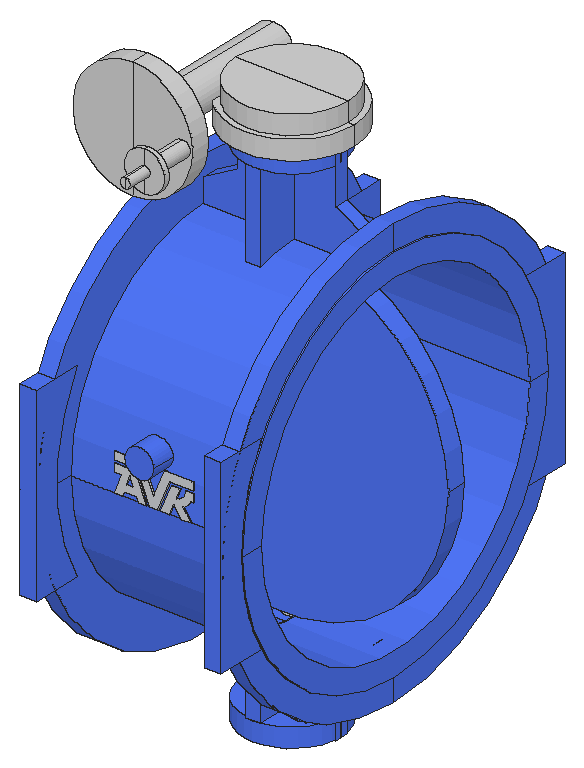
Revit family "756-102-ISI-DN700-2800", category Pipe Accessories, Revit 2019
Family settings
  Round Connector Dimension = Use Diameter
  Part Type = Valve - Breaks Into
  Work Plane-Based = No
  Always vertical = Yes
  Cut with Voids When Loaded = No
  Shared = No
Parameters (values of type "DN0700_PN10")
  W2_Ref = size_lookup(Search_table, "W2_Ref", 0 mm, DN) / 2  # 125 mm
  T(Addon) = size_lookup(Search_table, "T(Addon)", 0 mm, DN)  # 605 mm
  Offset = size_lookup(Search_table, "Offset", 0 mm, DN)  # 3 mm
  GB_Width_Ref = if(DN > 2599 mm, 230 mm, if(DN > 599 mm, L / 3, if(DN > 149 mm, GB_Width, GB_Width)))  # 143.333 mm
  GB_Width_3 = size_lookup(Search_table, "GB_Width", 0 mm, DN) / 2  # 130 mm
  GB_Ref = GB_HW_2 / 2.5  # 16.667 mm
  GB_HW_2 = GB_HW / 3  # 41.667 mm
  GB_HW = size_lookup(Search_table, "GB_HW", 0 mm, DN) / 2  # 125 mm
  Disc_width = if(DN > 999 mm, 50 mm, if(DN > 699 mm, 40 mm, if(DN > 499 mm, 35 mm, if(DN > 399 mm, 25 mm, if(DN > 349 mm, 20 mm, if(DN > 249 mm, 15 mm, if(DN > 149 mm, 10 mm, 10 mm)))))))  # 40 mm
  Disc_Dia = size_lookup(Search_table, "Disc_Dia", 0 mm, DN)  # 690 mm
  DN2600_PN16 = "756-2600-1-14002"
  DN2400_ PN16 DIN = "756-2400-1-14002"
  DN2200_ PN16 DIN = "756-2200-1-14002"
  DN2000_PN16 = "756-2000-1-14002"
  DN1800_PN16 = "756-1800-1-14002"
  DN1600_PN16 = "756-1600-1-14002"
  DN1500_PN16 = "756-1500-1-14002"
  DN1400_PN16 = "756-1400-1-14002"
  DN1200_PN16 = "756-1200-1-14002"
  DN1000_PN16 = "756-1000-1-14002"
  DN0900_PN16 = "756-0900-1-14002"
  DN0900_PN10 = "756-0900-1-04002"
  DN0800_PN16 = "756-0800-1-14002"
  DN0800_PN10 = "756-0800-1-04002"
  DN0700_PN16 = "756-0700-1-14002"
  DN0700_PN10 = "756-0700-1-04002"
  DN1200_PN10 = "756-1200-1-04002"
  DN1000_PN10 = "756-1000-1-04002"
  C_Rod = if(DN > 999 mm, 48 mm, if(DN > 699 mm, 38 mm, if(DN > 499 mm, 33 mm, if(DN > 399 mm, 23 mm, if(DN > 349 mm, 18 mm, if(DN > 249 mm, 13 mm, if(DN > 149 mm, 9 mm, 9 mm)))))))  # 38 mm
  C = size_lookup(Search_table, "C", 0 mm, DN)  # 255 mm
  W4 = size_lookup(Search_table, "W4", 0 mm, DN)  # 543 mm
  W3 = size_lookup(Search_table, "W3", 0 mm, DN)  # 533 mm
  W2 = size_lookup(Search_table, "W2", 0 mm, DN)  # 730 mm
  W1 = size_lookup(Search_table, "W1", 0 mm, DN)  # 448 mm
  URL_product_pages = "https://www.avkvalves.com/P.aspx?no=7560700104002"
  Rib_width_2 = Gear_box_Mount_Flange_width * 2  # 204 mm
  Rib_width = L - (Flange_Thickness * 2)  # 350 mm
  Rib_height_2 = H1 - Flange_OD  # 117.5 mm
  Rib_depth = if(DN > 999 mm, 40 mm, if(DN > 699 mm, 30 mm, if(DN > 399 mm, 20 mm, 20 mm)))  # 30 mm
  Rib_height = Flange_OD / 1.1  # 406.818 mm
  Rf_Dia = size_lookup(Search_table, "RF_Dia", 0 mm, DN) / 2  # 397 mm
  RF_Cut_Thickness = 5 mm  # constant formula
  Pin_width = L / 2  # 215 mm
  Pin_dia = 60 mm
  Pin_Depth = (DN + size_lookup(Search_table, "Flange_OD", 0 mm, DN)) / 2  # 797.5 mm
  L2 = size_lookup(Search_table, "L2", 0 mm, DN)  # 133 mm
  L1 = size_lookup(Search_table, "L1", 0 mm, DN)  # 127 mm
  L = size_lookup(Search_table, "L", 0 mm, DN)  # 430 mm
  ID (Radius) = DN / 2  # 350 mm
  H2 = size_lookup(Search_table, "H2", 0 mm, DN)  # 550 mm
  H1 = B - GB_Dia  # 565 mm
  Gear_box_depth = A - Body_wallthickness - 25 mm  # 300 mm
  GB_Width_2 = GB_Width_3 * 0.9  # 117 mm
  GB_Width = C - L / 2  # 40 mm
  GB_Flange = 5 mm  # constant formula
  GB_Dia = size_lookup(Search_table, "GB_Dia", 0 mm, DN) / 2  # 40 mm
  Flange_Thickness = size_lookup(Search_table, "Flange_Thickness", 0 mm, DN)  # 40 mm
  Flange_OD = size_lookup(Search_table, "Flange_OD", 0 mm, DN) / 2  # 447.5 mm
  Description_ = "AVK DOUBLE ECC. BUTTERFLY VALVE, LONG"
  DN = 700 mm
  Search_table = "756-102-ISI-DN700-2800"
  DN2800_PN10 = "756-2800-1-04002"
  DN2600_PN10 = "756-2600-1-04002"
  DN2400_ PN10 DIN = "756-2400-1-04002"
  DN2200_PN10 DIN = "756-2200-1-04002"
  DN2000_PN10 = "756-2000-1-04002"
  DN1800_PN10 = "756-1800-1-04002"
  DN1600_PN10 = "756-1600-1-04002"
  DN1500_PN10 = "756-1500-1-04002"
  DN1400_PN10 = "756-1400-1-04002"
  D1 = size_lookup(Search_table, "D1", 0 mm, DN) / 2  # 10 mm
  Bottom_width = size_lookup(Search_table, "Bottom_width", 0 mm, DN)  # 395 mm
  Bottom_Depth = DN * 1.5  # 1050 mm
  Gear_box_Mount_width = size_lookup(Search_table, "Gear_box_Mount_width", 0 mm, DN) / 2  # 15.5 mm
  Gear_box_Mount_Flange_width = size_lookup(Search_table, "Gear_box_Mount_Flange_width", 0 mm, DN) / 2  # 102 mm
  Body_wallthickness = 10 mm  # constant formula
  B = size_lookup(Search_table, "B", 0 mm, DN)  # 605 mm
  A2 = A / 1.7  # 197.059 mm
  A = size_lookup(Search_table, "A", 0 mm, DN)  # 335 mm
Types (28, lengths in mm): name | W2_Ref | T(Addon) | GB_Width_Ref | GB_Width_3 | GB_Ref | GB_HW_2 | GB_HW | Disc_width | Disc_Dia | C_Rod | C | W4 | W3 | W2 | W1 | Rib_width_2 | Rib_width | Rib_height_2 | Rib_depth | Rib_height | Rf_Dia | Pin_width | Pin_Depth | L2 | L1 | L | ID (Radius) | H2 | H1 | Gear_box_depth | GB_Width_2 | GB_Width | GB_Dia | Flange_Thickness | Flange_OD | DN | D1 | Bottom_width | Bottom_Depth | Gear_box_Mount_width | Gear_box_Mount_Flange_width | B | A2 | A
  (no name) | 125 | 605 | 143.333 | 130 | 16.667 | 41.667 | 125 | 40 | 690 | 38 | 255 | 543 | 533 | 730 | 448 | 204 | 350 | 117.5 | 30 | 406.818 | 397 | 215 | 797.5 | 133 | 127 | 430 | 350 | 550 | 565 | 300 | 117 | 40 | 40 | 40 | 447.5 | 700 | 10 | 395 | 1050 | 15.5 | 102 | 605 | 197.059 | 335
  DN0700_PN10 | 125 | 605 | 143.333 | 130 | 16.667 | 41.667 | 125 | 40 | 690 | 38 | 255 | 543 | 533 | 730 | 448 | 204 | 350 | 117.5 | 30 | 406.818 | 397 | 215 | 797.5 | 133 | 127 | 430 | 350 | 550 | 565 | 300 | 117 | 40 | 40 | 40 | 447.5 | 700 | 10 | 395 | 1050 | 15.5 | 102 | 605 | 197.059 | 335
  DN0700_PN16 | 110 | 600 | 143.333 | 130 | 16.667 | 41.667 | 125 | 40 | 690 | 38 | 297 | 537 | 527 | 725 | 455 | 214 | 350 | 105 | 30 | 413.636 | 397 | 215 | 805.05 | 130 | 124 | 430 | 350.05 | 565 | 560 | 307 | 117 | 82 | 40 | 40 | 455 | 700.1 | 10 | 427 | 1050.15 | 16.5 | 107 | 600 | 201.176 | 342
  DN0800_PN10 | 155 | 670 | 156.667 | 140 | 20.667 | 51.667 | 155 | 40 | 788.5 | 38 | 349 | 636 | 627 | 765 | 508 | 223 | 390 | 122 | 30 | 461.364 | 450 | 235 | 907.5 | 162 | 156 | 470 | 400 | 620 | 629.5 | 278 | 126 | 114 | 40.5 | 40 | 507.5 | 800 | 10 | 460 | 1200 | 17 | 111.5 | 670 | 184.118 | 313
  DN0800_PN16 | 155 | 670 | 156.667 | 140 | 20.667 | 51.667 | 155 | 40 | 788.5 | 38 | 317 | 635 | 626 | 795 | 513 | 232 | 390 | 117 | 30 | 465.909 | 450 | 235 | 912.55 | 161 | 155 | 470 | 400.05 | 635 | 629.5 | 307 | 126 | 82 | 40.5 | 40 | 512.5 | 800.1 | 10 | 492 | 1200.15 | 18 | 116 | 670 | 201.176 | 342
  DN0900_PN10 | 175 | 740 | 170 | 155 | 22 | 55 | 165 | 40 | 888.5 | 38 | 337 | 730 | 722 | 865 | 558 | 241 | 430 | 136.5 | 30 | 506.818 | 500 | 255 | 1007.5 | 192 | 186 | 510 | 450 | 690 | 694 | 307 | 139.5 | 82 | 46 | 40 | 557.5 | 900 | 10 | 524 | 1350 | 18.5 | 120.5 | 740 | 201.176 | 342
  DN0900_PN16 | 175 | 740 | 170 | 155 | 22 | 55 | 165 | 40 | 888.5 | 38 | 369 | 729 | 721 | 835 | 563 | 250 | 430 | 131.5 | 30 | 511.364 | 500 | 255 | 1012.55 | 191 | 185 | 510 | 450.05 | 705 | 694 | 278 | 139.5 | 114 | 46 | 40 | 562.5 | 900.1 | 10 | 556 | 1350.15 | 19 | 125 | 740 | 184.118 | 313
  DN1000_PN10 | 203.5 | 836 | 183.333 | 175 | 28 | 70 | 210 | 50 | 988 | 48 | 306 | 824 | 816 | 1040 | 615 | 259 | 470 | 166 | 40 | 559.091 | 556 | 275 | 1115 | 222 | 216 | 550 | 500 | 770 | 781 | 434 | 157.5 | 31 | 55 | 40 | 615 | 1000 | 10 | 588 | 1500 | 20 | 129.5 | 836 | 275.882 | 469
  DN1000_PN16 | 203.5 | 837 | 183.333 | 175 | 28 | 70 | 210 | 50 | 988 | 48 | 306 | 822 | 814 | 1041 | 628 | 268 | 470 | 154.5 | 40 | 570.455 | 556 | 275 | 1127.55 | 221 | 215 | 550 | 500.05 | 785 | 782 | 434 | 157.5 | 31 | 55 | 40 | 627.5 | 1000.1 | 10 | 620 | 1500.15 | 20.5 | 134 | 837 | 275.882 | 469
  DN1200_PN10 | 225 | 905 | 210 | 195 | 30 | 75 | 225 | 50 | 1174.5 | 48 | 346 | 993 | 986 | 1134 | 728 | 277 | 550 | 122.5 | 40 | 661.364 | 666 | 315 | 1327.5 | 275 | 269 | 630 | 600 | 855 | 850 | 434 | 175.5 | 31 | 80 | 40 | 727.5 | 1200 | 10 | 653 | 1800 | 21 | 138.5 | 930 | 275.882 | 469
  DN1200_PN16 | 215 | 907.5 | 210 | 195 | 28.667 | 71.667 | 215 | 50 | 1174.5 | 48 | 346 | 993 | 985 | 1121 | 743 | 286 | 530 | 99.5 | 40 | 675 | 666 | 315 | 1342.55 | 274 | 268 | 630 | 600.05 | 874 | 842 | 434 | 175.5 | 31 | 75 | 50 | 742.5 | 1200.1 | 10 | 685 | 1800.15 | 22 | 143 | 917 | 275.882 | 469
  DN1400_PN10 | 240 | 1012.5 | 236.667 | 206 | 32 | 80 | 240 | 50 | 1382 | 48 | 386 | 1189 | 1182 | 1241 | 838 | 295 | 610 | 124.5 | 40 | 761.364 | 763 | 355 | 1537.5 | 339 | 333 | 710 | 700 | 970 | 962 | 434 | 185.4 | 31 | 75 | 50 | 837.5 | 1400 | 10 | 717 | 2100 | 22.5 | 147.5 | 1037 | 275.882 | 469
  DN1400_PN16 | 240 | 1017.5 | 236.667 | 214.5 | 32 | 80 | 240 | 50 | 1382 | 48 | 422 | 1189 | 1182 | 1253 | 843 | 304 | 610 | 121.5 | 40 | 765.909 | 763 | 355 | 1542.55 | 339 | 333 | 710 | 700.05 | 970 | 964 | 470 | 193.05 | 67 | 85 | 50 | 842.5 | 1400.1 | 10 | 749 | 2100.15 | 23.5 | 152 | 1049 | 297.059 | 505
  DN1500_PN10 | 275 | 1090 | 250 | 223.5 | 36.667 | 91.667 | 275 | 50 | 1482 | 48 | 406 | 1281 | 1274 | 1341 | 893 | 313 | 650 | 144.5 | 40 | 811.364 | 818 | 375 | 1642.5 | 369 | 363 | 750 | 750 | 1070 | 1037 | 434 | 201.15 | 31 | 100 | 50 | 892.5 | 1500 | 10 | 781 | 2250 | 24 | 156.5 | 1137 | 275.882 | 469
  DN1500_PN16 | 275 | 1105 | 250 | 232.5 | 36.667 | 91.667 | 275 | 50 | 1482 | 48 | 442 | 1281 | 1274 | 1353 | 913 | 323 | 650 | 139 | 40 | 827.273 | 818 | 375 | 1660.05 | 369 | 363 | 750 | 750.05 | 1070 | 1049 | 470 | 209.25 | 67 | 100 | 50 | 910 | 1500.1 | 10 | 813 | 2250.15 | 24.5 | 161.5 | 1149 | 297.059 | 505
  DN1600_PN10 | 300 | 1180 | 263.333 | 241 | 40 | 100 | 300 | 50 | 1576 | 48 | 462 | 1366 | 1359 | 1428 | 958 | 332 | 690 | 156.5 | 40 | 870.455 | 875 | 395 | 1757.5 | 396 | 390 | 790 | 800 | 1145 | 1114 | 470 | 216.9 | 67 | 110 | 50 | 957.5 | 1600 | 10 | 846 | 2400 | 25.5 | 166 | 1224 | 297.059 | 505
  DN1600_PN16 | 300 | 1180 | 263.333 | 250 | 40 | 100 | 300 | 50 | 1576 | 48 | 462 | 1366 | 1359 | 1428 | 965 | 341 | 670 | 149 | 40 | 877.273 | 875 | 395 | 1765.05 | 396 | 390 | 790 | 800.05 | 1145 | 1114 | 470 | 225 | 67 | 110 | 60 | 965 | 1600.1 | 10 | 878 | 2400.15 | 26 | 170.5 | 1224 | 297.059 | 505
  DN1800_PN10 | 285 | 1299 | 290 | 259 | 38 | 95 | 285 | 50 | 1772 | 48 | 714 | 1547 | 1540 | 1490 | 1058 | 350 | 750 | 161.5 | 40 | 961.364 | 973 | 435 | 1957.5 | 454 | 448 | 870 | 900 | 1220 | 1219 | 570 | 233.1 | 279 | 80 | 60 | 1057.5 | 1800 | 10 | 910 | 2700 | 26.5 | 175 | 1299 | 355.882 | 605
  DN1800_PN16 | 280 | 1299 | 290 | 267.5 | 37.333 | 93.333 | 280 | 50 | 1772 | 48 | 714 | 1547 | 1540 | 1490 | 1065 | 359 | 750 | 154 | 40 | 968.182 | 973 | 435 | 1965.05 | 454 | 448 | 870 | 900.05 | 1220 | 1219 | 570 | 240.75 | 279 | 80 | 60 | 1065 | 1800.1 | 10 | 942 | 2700.15 | 27.5 | 179.5 | 1299 | 355.882 | 605
  DN2000_PN10 | 320 | 1462 | 316.667 | 276.5 | 42.667 | 106.667 | 320 | 50 | 1998 | 48 | 753 | 1760 | 1753 | 1653 | 1180 | 368 | 830 | 214.5 | 40 | 1056.818 | 1114 | 475 | 2162.5 | 527 | 521 | 950 | 1000 | 1382 | 1377 | 570 | 248.85 | 278 | 85 | 60 | 1162.5 | 2000 | 10 | 974 | 3000 | 28 | 184 | 1462 | 355.882 | 605
  DN2000_PN16 | 320 | 1461 | 316.667 | 285 | 42.667 | 106.667 | 320 | 50 | 1998 | 48 | 754 | 1760 | 1753 | 1652 | 1180 | 377 | 830 | 203.5 | 40 | 1065.909 | 1114 | 475 | 2172.55 | 527 | 521 | 950 | 1000.05 | 1382 | 1376 | 570 | 256.5 | 279 | 85 | 60 | 1172.5 | 2000.1 | 10 | 1006 | 3000.15 | 29 | 188.5 | 1461 | 355.882 | 605
  DN2200_PN10 DIN | 325 | 1566 | 343.333 | 303 | 46.667 | 116.667 | 350 | 50 | 2187 | 48 | 858 | 1932 | 1926 | 1742 | 1278 | 395 | 910 | 183.5 | 40 | 1161.364 | 1180 | 515 | 2377.55 | 582 | 576 | 1030 | 1100.05 | 1482 | 1461 | 599 | 272.7 | 343 | 90 | 60 | 1277.5 | 2200.1 | 10 | 1000 | 3300.15 | 30 | 197.5 | 1551 | 372.941 | 634
  DN2200_ PN16 DIN | 325 | 1540 | 343.333 | 294 | 46.667 | 116.667 | 350 | 50 | 2187 | 48 | 794 | 1932 | 1926 | 1731 | 1275 | 386 | 910 | 175 | 40 | 1159.091 | 1180 | 515 | 2375 | 582 | 576 | 1030 | 1100 | 1472 | 1450 | 570 | 264.6 | 279 | 90 | 60 | 1275 | 2200 | 10 | 1000 | 3300 | 29.5 | 193 | 1540 | 355.882 | 605
  DN2400_ PN10 DIN | 345 | 1668 | 370 | 311.5 | 46 | 115 | 345 | 50 | 2382.4 | 48 | 877 | 2019 | 2103 | 1859 | 1380 | 404 | 970 | 188 | 40 | 1254.545 | 1272.5 | 555 | 2580 | 639 | 633 | 1110 | 1200 | 1613 | 1568 | 613 | 280.35 | 322 | 100 | 70 | 1380 | 2400 | 10 | 1103 | 3600 | 31 | 202 | 1668 | 381.176 | 648
  DN2400_ PN16 DIN | 345 | 1610 | 370 | 320.5 | 46 | 115 | 345 | 50 | 2381.3 | 48 | 732 | 2132 | 2126 | 1859 | 1382 | 413 | 970 | 155.5 | 40 | 1256.818 | 1272.5 | 555 | 2582.55 | 682 | 676 | 1110 | 1200.05 | 1584 | 1538 | 751 | 288.45 | 177 | 130 | 70 | 1382.5 | 2400.1 | 15 | 1135 | 3600.15 | 31.5 | 206.5 | 1668 | 462.353 | 786
  DN2600_PN10 | 400 | 1701 | 230 | 329 | 53.333 | 133.333 | 400 | 50 | 2582.4 | 48 | 879 | 2295 | 2289 | 2066 | 1490 | 422 | 1050 | 131 | 40 | 1345.455 | 1415 | 595 | 2780 | 699 | 693 | 1190 | 1300 | 1820 | 1611 | 600 | 296.1 | 284 | 250 | 70 | 1480 | 2600 | 10 | 1167 | 3900 | 32 | 211 | 1861 | 373.529 | 635
  DN2600_PN16 | 400 | 1750 | 230 | 338 | 53.333 | 133.333 | 400 | 50 | 2582.4 | 48 | 920 | 2295 | 2289 | 2120 | 1535 | 432 | 1050 | 146 | 40 | 1385.455 | 1415 | 595 | 2824.05 | 699 | 693 | 1190 | 1300.05 | 1855 | 1670 | 755 | 304.2 | 325 | 250 | 70 | 1524 | 2600.1 | 15 | 1199 | 3900.15 | 33 | 216 | 1920 | 464.706 | 790
  DN2800_PN10 | 385 | 1830 | 230 | 347 | 51.333 | 128.333 | 385 | 50 | 2752.2 | 48 | 957 | 2442 | 2441 | 2164 | 1600 | 441 | 1130 | 168 | 40 | 1445.455 | 1500 | 635 | 2990 | 739 | 738 | 1270 | 1400 | 1921 | 1758 | 613 | 312.3 | 322 | 215 | 70 | 1590 | 2800 | 10 | 1232 | 4200 | 33.5 | 220.5 | 1973 | 381.176 | 648
Reference planes
  plane 1 "Center (Front/Back)": y = 0
  plane 2: z = 0
  plane 3 "Center (Left/Right)": x = 0
  plane 4: y = 350
  plane 5: y = 360
  plane 6: x = 215
  plane 7: x = 175
  plane 8: x = -175
  plane 9: x = -215
  plane 10: z = 565
  plane 11: x = 102
  plane 12: z = 525
  plane 13: z = -550
  plane 14: x = 102
  plane 15: z = -510
  plane 16: x = 15.5
  plane 17: x = 102
  plane 18: x = -102
  plane 19: z = 565
  plane 20: z = 447.5
  plane 21: z = 350
  plane 22: x = 175
  plane 23: x = -175
  plane 24: z = 406.818
  plane 25: y = 15
  plane 26: y = -15
  plane 27: x = 102
  plane 28: x = -102
  plane 29: z = -550
  plane 30: z = -432.5
  plane 31: z = -350
  plane 32: x = 175
  plane 33: x = -175
  plane 34: z = -406.818
  plane 35: y = 102
  plane 36: y = -102
  plane 37: x = -15
  plane 38: x = 15
  plane 39: y = -172
  plane 40: z = -550
  plane 41: x = 15.5
  plane 42: y = 350
  plane 43: y = -350
  plane 44: y = 398.75
  plane 45: y = -398.75
  plane 46: z = 730
  plane 47: z = 605
  plane 48: y = -335
  plane 49: x = -40
  plane 50: x = -143.333
  plane 51: y = 20
  plane 52: y = -20
  plane 53: z = 605
  plane 54: z = 610
  plane 55: z = 600
  plane 56: z = 621.667
  plane 57: z = 588.333
  plane 58: x = -177
  plane 59: z = 271.5
  plane 60: z = 266.5
  plane 61: z = -271.5
  plane 62: z = -266.5
  plane 63: z = 1678
  plane 64: z = 1658
Forms (mm)
  Revolve 1, solid, material "Plastic"
    sketch origin (0, 0, 0) x (1, 0, 0) y (0, 1, 0)
      loop
        line (-175, 360) -> (-175, 447.5) -> (-215, 447.5) -> (-215, 350) -> (215, 350) -> (215, 447.5) -> (175, 447.5) -> (175, 360) -> (-175, 360)
      axis (-215, 0) -> (215, 0)
    angle from 0 to 360
  Revolve 2, solid, material "Plastic"
    sketch origin (0, 0, 0) x (1, 0, 0) y (0, 0, 1)
      loop
        line (15.5, 525) -> (102, 525) -> (102, 565) -> (0, 565) -> (0, 350) -> (15.5, 350) -> (15.5, 525)
      axis (0, 350) -> (0, 565)
    angle from 0 to 360
  Revolve 3, solid, material "Plastic"
    sketch origin (0, 0, 0) x (1, 0, 0) y (0, 0, -1)
      loop
        line (15.5, 350) -> (15.5, 510) -> (102, 510) -> (102, 550) -> (0, 550) -> (0, 350) -> (15.5, 350)
      axis (0, 350) -> (0, 550)
    angle from 0 to 360
  Extrusion 4, solid, material "Plastic"
    sketch origin (0, 0, 0) x (1, 0, 0) y (0, 0, 1)
      loop
        line (102, 565) -> (-102, 565) -> (-102, 447.5) -> (-175, 406.818) -> (-175, 350) -> (175, 350) -> (175, 406.818) -> (102, 447.5) -> (102, 565)
    from -15 to 15
  Extrusion 5, solid, material "Plastic"
    sketch origin (0, 0, 0) x (1, 0, 0) y (0, 0, 1)
      loop
        line (102, -550) -> (102, -432.5) -> (175, -406.818) -> (175, -350) -> (-175, -350) -> (-175, -406.818) -> (-102, -432.5) -> (-102, -550) -> (102, -550)
    from -15 to 15
  Extrusion 6, solid, material "Plastic"
    sketch origin (0, 0, 0) x (0, 1, 0) y (0, 0, 1)
      loop
        line (102, 525) -> (-102, 525) -> (-102, -510) -> (102, -510) -> (102, 525)
    from -15 to 15
  Extrusion 7, void
    sketch origin (0, 0, 0) x (0, 1, 0) y (0, 0, 1)
      loop
        circle (0, 0) r 350
    from -215 to 215
  Extrusion 8, solid, material "Plastic"
    sketch origin (0, 0, 0) x (1, 0, 0) y (0, 0, 1)
      loop
        circle (0, 100.904) r 30
    from -398.75 to -350
  Extrusion 9, solid, material "Plastic"
    sketch origin (0, 0, 0) x (1, 0, 0) y (0, 0, 1)
      loop
        circle (0, 100.904) r 30
    from 398.75 to 350
  Extrusion 10, solid, material "Stainless Steel AISI 304"
    sketch origin (0, 0, 0) x (1, 0, 0) y (0, 0, 1)
      loop
        line (-45, 621.667) -> (-45, 610) -> (-56.667, 610) -> (-56.667, 600) -> (-45, 600) -> (-45, 588.333) -> (-35, 588.333) -> (-35, 600) -> (-23.333, 600) -> (-23.333, 610) -> (-35, 610) -> (-35, 621.667) -> (-45, 621.667)
    from 300 to 325
  Revolve 11, solid, material "Stainless Steel AISI 304"
    sketch origin (0, 0, 0) x (1, 0, 0) y (0, 0, 1)
      loop
        line (0, 565) -> (130, 565) -> (130, 605) -> (0, 605) -> (0, 565)
      axis (0, 565) -> (0, 605)
    angle from 0 to 360
  Revolve 12, solid, material "Stainless Steel AISI 304"
    sketch origin (0, 0, 0) x (1, 0, 0) y (0, 0, 1)
      loop
        line (0, 605) -> (117, 605) -> (117, 645) -> (0, 645) -> (0, 605)
      axis (0, 605) -> (0, 645)
    angle from 0 to 360
  Revolve 13, solid, material "Stainless Steel AISI 304"
    sketch origin (-40, -1524, 167.638) x (0, 0, -1) y (0, -1, 0)
      loop
        line (-479.029, -1199) -> (-437.362, -1199) -> (-437.362, -1189) -> (-479.029, -1189) -> (-479.029, -1199)
      axis (-437.362, -1199) -> (-437.362, -1189)
    angle from 0 to 360
  Revolve 14, solid, material "Stainless Steel AISI 304"
    sketch origin (-40, -1524, 167.638) x (0, 0, -1) y (0, -1, 0)
      loop
        line (-454.029, -1286.941) -> (-437.362, -1286.941) -> (-437.362, -1224) -> (-454.029, -1224) -> (-454.029, -1286.941)
      axis (-437.362, -1286.941) -> (-437.362, -1224)
    angle from 0 to 360
  Revolve 15, solid, material "Stainless Steel AISI 304"
    sketch origin (-143.333, -1524, 508) x (0, 0, 1) y (0, -1, 0)
      loop
        line (97, -1654) -> (97, -1326.941) -> (57, -1326.941) -> (57, -1654) -> (97, -1654)
      axis (97, -1654) -> (97, -1326.941)
    angle from 0 to 360
  Revolve 16, solid, material "Stainless Steel AISI 304"
    sketch origin (-143.333, -1524, 508) x (0, 0, 1) y (0, -1, 0)
      loop
        line (97, -1326.941) -> (222, -1326.941) -> (222, -1286.941) -> (97, -1286.941) -> (97, -1326.941)
      axis (97, -1326.941) -> (97, -1286.941)
    angle from 0 to 360
  Revolve 17, solid, material "Stainless Steel AISI 304"
    sketch origin (-40, -1524, 167.638) x (0, 0, -1) y (0, -1, 0)
      loop
        line (-437.362, -1189) -> (-437.362, -1139) -> (-447.362, -1139) -> (-447.362, -1189) -> (-437.362, -1189)
      axis (-437.362, -1139) -> (-437.362, -1189)
    angle from 0 to 360
  Extrusion 18, solid, material "Plastic(1)"
    sketch origin (0, 0, 0) x (1, 0, 0) y (0, 0, 1)
      loop
        circle (-3, 0) r 345
    from -20 to 20
  Extrusion 19, solid
    sketch origin (0, 0, 0) x (1, 0, 0) y (0, 1, 0)
      loop
        circle (0, 0) r 19
    from -550 to 565
  Revolve 20, void
    sketch origin (0, 0, 0) x (1, 0, 0) y (0, 0, 1)
      loop
        line (215, 447.5) -> (210, 447.5) -> (210, 397) -> (215, 397) -> (215, 447.5)
      loop
        line (-215, 447.5) -> (-215, 397) -> (-210, 397) -> (-210, 447.5) -> (-215, 447.5)
      axis (-215, 0) -> (215, 0)
    angle from 0 to 360
  Extrusion 21, solid, material "Plastic"
    sketch origin (-40, -1524, 167.638) x (0, 0, -1) y (0, -1, 0)
      loop
        line (365.138, -1179.613) -> (365.138, -1076) -> (-29.862, -1076) -> (-29.862, -1179.613)
        arc (-29.862, -1179.613) -> (167.638, -1127) -> (365.138, -1179.613) r 397
      loop
        line (-29.862, -1868.387) -> (-29.862, -1972) -> (365.138, -1972) -> (365.138, -1868.387)
        arc (365.138, -1868.387) -> (167.638, -1921) -> (-29.862, -1868.387) r 397
    from 135 to 170
  Extrusion 22, solid, material "Plastic"
    sketch origin (-40, -1524, 167.638) x (0, 0, -1) y (0, -1, 0)
      loop
        line (-29.862, -1868.387) -> (-29.862, -1972) -> (365.138, -1972) -> (365.138, -1868.387)
        arc (365.138, -1868.387) -> (167.638, -1921) -> (-29.862, -1868.387) r 397
      loop
        line (-29.862, -1076) -> (-29.862, -1179.613)
        arc (-29.862, -1179.613) -> (167.638, -1127) -> (365.138, -1179.613) r 397
        line (365.138, -1179.613) -> (365.138, -1076) -> (-29.862, -1076)
    from -250 to -215
Cuts and joins
  Extrusion 7, Revolve 20 cuts Revolve 1
  Extrusion 7 cuts Extrusion 6
Dimensions and locks
  equal spacing: plane 9, plane 3 "Center (Left/Right)", plane 6
  "L": plane 9 to plane 6
  "ID (Radius)": plane 4 to plane 1 "Center (Front/Back)"
  "Body_wallthickness": plane 5 to plane 4
  "Flange_Thickness": plane 7 to plane 6
  "Flange_Thickness": plane 9 to plane 8
  "Flange_OD": plane 1 "Center (Front/Back)" to Revolve 1 sketch curve
  "Flange_Thickness": plane 10 to plane 12
  "ID (Radius)": Revolve 2 sketch curve to level
  "Gear_box_Mount_Flange_width": plane 3 "Center (Left/Right)" to plane 11
  "Flange_Thickness": plane 13 to plane 15
  "H2": level to plane 13
  "ID (Radius)": level to Revolve 3 sketch curve
  "ID (Radius)": plane 21 to level
  "H1": plane 19 to level
  "Gear_box_Mount_Flange_width": plane 3 "Center (Left/Right)" to plane 17
  "Gear_box_Mount_Flange_width": plane 18 to plane 3 "Center (Left/Right)"
  "Rib_height": plane 24 to level
  equal spacing: plane 25, plane 1 "Center (Front/Back)", plane 26
  "Rib_depth": plane 25 to plane 26
  equal spacing: plane 22, plane 3 "Center (Left/Right)", plane 23
  "Rib_width": plane 22 to plane 23
  "Rib_height_2": plane 19 to plane 20
  "Rib_height_2": plane 29 to plane 30
  "Rib_height": level to plane 34
  "Gear_box_Mount_Flange_width": plane 28 to plane 3 "Center (Left/Right)"
  "Gear_box_Mount_Flange_width": plane 3 "Center (Left/Right)" to plane 27
  "ID (Radius)": level to plane 31
  "H2": level to plane 29
  equal spacing: plane 32, plane 3 "Center (Left/Right)", plane 33
  "Rib_width": plane 32 to plane 33
  equal spacing: plane 35, plane 1 "Center (Front/Back)", plane 36
  equal spacing: plane 37, plane 3 "Center (Left/Right)", plane 38
  "Rib_depth": plane 37 to plane 38
  "Rib_width_2": plane 35 to plane 36
  locked: plane 1 "Center (Front/Back)" to plane 39 at 172
  "H2": level to plane 40
  "Gear_box_Mount_width": plane 41 to plane 3 "Center (Left/Right)"
  "Gear_box_Mount_width": plane 3 "Center (Left/Right)" to plane 16
  "Gear_box_Mount_Flange_width": plane 3 "Center (Left/Right)" to plane 14
  equal spacing: plane 42, plane 1 "Center (Front/Back)", plane 43
  "DN": plane 42 to plane 43
  equal spacing: plane 44, plane 1 "Center (Front/Back)", plane 45
  "Pin_Depth": plane 44 to plane 45
  "W2": plane 46 to level
  "H1": plane 10 to level
  "T(Addon)": plane 47 to level
  "A": plane 1 "Center (Front/Back)" to plane 48
  "GB_Width_3": Revolve 11 sketch curve to Revolve 11 sketch curve
  "GB_Width_2": Revolve 12 sketch curve to plane 3 "Center (Left/Right)"
  equal spacing: Revolve 12 sketch curve, plane 47, Revolve 11
  "GB_Width": plane 3 "Center (Left/Right)" to plane 49
  "Body_wallthickness": Revolve 13 sketch curve to Revolve 13 sketch curve
  cut or joined group of Revolve 1, Extrusion 7, Revolve 20 to cut or joined group of Revolve 1, Extrusion 7, Revolve 20 = 430 mm
  "C": plane 49 to cut or joined group of Revolve 1, Extrusion 7, Revolve 20
  "Gear_box_depth": plane 1 "Center (Front/Back)" to Revolve 14 sketch curve
  "GB_HW_2": Revolve 13 sketch curve to Revolve 13 sketch curve
  "GB_Width_Ref": plane 3 "Center (Left/Right)" to plane 50
  "GB_Width_3": Revolve 15 sketch curve to plane 1 "Center (Front/Back)"
  "Flange_Thickness": Revolve 15 to Revolve 16 sketch curve
  "A2": plane 1 "Center (Front/Back)" to Revolve 15 sketch curve
  "D1": Revolve 17 sketch curve to Revolve 17 sketch curve
  locked: Revolve 17 sketch curve to Revolve 17 sketch curve at 50
  "Offset": plane 3 "Center (Left/Right)" to Extrusion 18 sketch curve
  equal spacing: plane 51, plane 1 "Center (Front/Back)", plane 52
  "Disc_width": plane 51 to plane 52
  equal spacing: plane 42, Extrusion 19 sketch curve, plane 43
  equal spacing: cut or joined group of Revolve 1, Extrusion 7, Revolve 20, plane 3 "Center (Left/Right)", cut or joined group of Revolve 1, Extrusion 7, Revolve 20
  Extrusion 18 to cut or joined group of Revolve 1, Extrusion 7, Revolve 20 = 133 mm
  cut or joined group of Revolve 1, Extrusion 7, Revolve 20 to Extrusion 18 = 127 mm
  "Rf_Dia": Revolve 20 sketch curve to level
  "Flange_OD": Revolve 20 sketch curve to level
  "RF_Cut_Thickness": Revolve 20 sketch curve to cut or joined group of Revolve 1, Extrusion 7, Revolve 20
  "RF_Cut_Thickness": cut or joined group of Revolve 1, Extrusion 7, Revolve 20 to Revolve 20 sketch curve
  equal spacing: Extrusion 21 sketch curve, level, Extrusion 21 sketch curve  (x2)
  "Bottom_width": Extrusion 21 sketch curve to Extrusion 21 sketch curve  (x2)
  "W1": plane 1 "Center (Front/Back)" to Extrusion 21 sketch curve
  "W1": Extrusion 21 sketch curve to plane 1 "Center (Front/Back)"
  "GB_Ref": Revolve 14 sketch curve to Revolve 14 sketch curve
  "W1": plane 1 "Center (Front/Back)" to Extrusion 21
  "B": level to Revolve 14 sketch curve
  "B": level to Revolve 13 sketch curve
  "B": level to Revolve 17 sketch curve
  "B": plane 53 to level
  equal spacing: plane 56, plane 53, plane 57
  "GB_Ref": plane 56 to plane 53
  equal spacing: plane 54, plane 53, plane 55
  "Body_wallthickness": plane 54 to plane 55
  equal spacing: Extrusion 10 sketch curve, plane 49, Extrusion 10 sketch curve  (x2)
  "Body_wallthickness": Extrusion 10 sketch curve to Extrusion 10 sketch curve
  "GB_Ref": plane 49 to Extrusion 10 sketch curve
  "W4": plane 59 to plane 61
  "W3": plane 60 to plane 62
  equal spacing: plane 59, level, plane 61
  equal spacing: plane 60, level, plane 62
  "Pin_dia": diameter of Extrusion 8 sketch curve
  "Disc_Dia": diameter of Extrusion 18 sketch curve
  "C_Rod": diameter of Extrusion 19 sketch curve
  aligned and locked: level to plane 2
  aligned and locked: Revolve 1 sketch curve to plane 4
  aligned and locked: plane 5 to Revolve 1 sketch curve
  aligned and locked: Revolve 1 sketch curve to plane 6
  aligned and locked: Revolve 1 sketch curve to plane 7
  aligned and locked: Revolve 1 sketch curve to plane 8
  aligned and locked: Revolve 1 sketch curve to plane 9
  aligned and locked: Revolve 1 sketch curve to Revolve 1 sketch curve
  aligned and locked: plane 1 "Center (Front/Back)" to Revolve 1 sketch curve
  aligned and locked: Revolve 2 sketch curve to Revolve 2 sketch curve
  aligned and locked: plane 10 to Revolve 2 sketch curve
  aligned and locked: Revolve 2 sketch curve to plane 11  (x2)
  aligned and locked: Revolve 2 sketch curve to plane 12
  aligned and locked: Revolve 2 sketch curve to plane 3 "Center (Left/Right)"
  aligned and locked: Revolve 3 sketch curve to plane 14
  aligned and locked: plane 13 to Revolve 3 sketch curve
  aligned and locked: Extrusion 4 sketch curve to plane 17  (x2)
  aligned and locked: Extrusion 4 sketch curve to plane 19
  aligned and locked: Extrusion 4 sketch curve to plane 18  (x2)
  aligned and locked: plane 19 to Extrusion 4 sketch curve
  aligned and locked: Extrusion 4 sketch curve to plane 20
  aligned and locked: plane 20 to Extrusion 4 sketch curve
  aligned and locked: Extrusion 4 sketch curve to plane 24
  aligned and locked: plane 22 to Extrusion 4 sketch curve  (x2)
  aligned and locked: plane 24 to Extrusion 4 sketch curve
  aligned and locked: plane 23 to Extrusion 4 sketch curve  (x2)
  aligned and locked: plane 21 to Extrusion 4 sketch curve
  aligned and locked: Extrusion 4 to plane 25
  aligned and locked: Extrusion 4 to plane 26
  aligned and locked: Extrusion 5 sketch curve to plane 27  (x2)
  aligned and locked: plane 32 to Extrusion 5 sketch curve  (x2)
  aligned and locked: plane 33 to Extrusion 5 sketch curve  (x2)
  aligned and locked: plane 31 to Extrusion 5 sketch curve  (x2)
  aligned and locked: Extrusion 5 sketch curve to plane 34
  aligned and locked: plane 28 to Extrusion 5 sketch curve  (x2)
  aligned and locked: Extrusion 5 sketch curve to plane 30
  aligned and locked: plane 30 to Extrusion 5 sketch curve
  aligned and locked: Extrusion 5 sketch curve to plane 29
  aligned and locked: plane 29 to Extrusion 5 sketch curve
  aligned and locked: plane 34 to Extrusion 5 sketch curve
  aligned and locked: plane 35 to Extrusion 6 sketch curve
  aligned and locked: Extrusion 6 sketch curve to plane 36
  aligned and locked: Extrusion 6 sketch curve to Revolve 2
  aligned and locked: Extrusion 6 to plane 38
  aligned and locked: Extrusion 6 to plane 37
  aligned and locked: Extrusion 7 sketch curve to Revolve 1  (x2)
  aligned and locked: Revolve 2 sketch curve to plane 41  (x2)
  aligned and locked: plane 16 to Revolve 3 sketch curve
  aligned and locked: plane 15 to Revolve 3 sketch curve  (x2)
  aligned and locked: Revolve 3 sketch curve to plane 3 "Center (Left/Right)"  (x2)
  aligned and locked: Revolve 3 sketch curve to Revolve 3 sketch curve
  aligned and locked: plane 14 to Revolve 3 sketch curve
  aligned and locked: Extrusion 8 to plane 42
  aligned and locked: Extrusion 9 sketch curve to Extrusion 8  (x2)
  aligned and locked: plane 43 to Extrusion 9
  aligned and locked: Extrusion 8 to plane 44
  aligned and locked: plane 45 to Extrusion 9
  aligned and locked: Extrusion 7 to Revolve 1  (x2)
  aligned and locked: plane 47 to Revolve 11 sketch curve
  aligned and locked: plane 3 "Center (Left/Right)" to Revolve 11 sketch curve
  aligned and locked: Revolve 12 sketch curve to plane 3 "Center (Left/Right)"
  aligned and locked: Revolve 12 sketch curve to Revolve 11
  aligned and locked: Revolve 12 sketch curve to Revolve 12 sketch curve
  aligned and locked: plane 48 to Revolve 13 sketch curve
  aligned and locked: Revolve 13 sketch curve to Revolve 13 sketch curve
  aligned and locked: Extrusion 10 to Revolve 13
  aligned and locked: Revolve 11 sketch curve to Revolve 2
  aligned and locked: Revolve 14 sketch curve to Revolve 14 sketch curve
  aligned and locked: Revolve 14 to Extrusion 10
  aligned and locked: Revolve 15 sketch curve to Revolve 11  (x2)
  aligned and locked: Revolve 15 sketch curve to Revolve 15 sketch curve
  aligned and locked: Revolve 16 sketch curve to Revolve 15
  aligned and locked: Revolve 16 sketch curve to plane 47
  aligned and locked: Revolve 16 sketch curve to Revolve 16 sketch curve
  aligned and locked: Revolve 16 to Revolve 14 sketch curve
  aligned and locked: Revolve 13 to Revolve 17 sketch curve
  aligned and locked: Revolve 17 sketch curve to Revolve 17 sketch curve
  aligned and locked: Extrusion 18 to plane 51
  aligned and locked: Extrusion 18 to plane 52
  aligned and locked: Revolve 2 to Extrusion 19
  aligned and locked: Revolve 20 sketch curve to cut or joined group of Revolve 1, Extrusion 7, Revolve 20  (x2)
  aligned and locked: Revolve 20 sketch curve to Revolve 20 sketch curve  (x2)
  aligned and locked: Revolve 20 sketch curve to plane 2
  aligned and locked: Extrusion 5 to plane 26
  aligned and locked: plane 25 to Extrusion 5
  aligned and locked: plane 3 "Center (Left/Right)" to nested 1
  aligned and locked: Extrusion 21 sketch curve to cut or joined group of Revolve 1, Extrusion 7, Revolve 20  (x2)
  aligned and locked: cut or joined group of Revolve 1, Extrusion 7, Revolve 20 to Extrusion 21
  aligned and locked: Extrusion 21 to Extrusion 4
  aligned and locked: Extrusion 22 sketch curve to Extrusion 21  (x8)
  aligned and locked: Extrusion 22 to cut or joined group of Revolve 1, Extrusion 7, Revolve 20
  aligned and locked: Extrusion 4 to Extrusion 22
  aligned and locked: Extrusion 10 sketch curve to plane 56  (x2)
  aligned and locked: Extrusion 10 sketch curve to plane 57  (x2)
  aligned and locked: Extrusion 10 sketch curve to plane 54  (x2)
  aligned and locked: Extrusion 10 sketch curve to plane 55  (x2)
  aligned and locked: Extrusion 10 sketch curve to Extrusion 10 sketch curve  (x4)
  aligned and locked: plane 46 to Revolve 16 sketch curve
  aligned and locked: Extrusion 6 to Revolve 3
  aligned and locked: Extrusion 19 to plane 40
Automatic sketch dimensions
  Extrusion 8 sketch curve to plane 3 "Center (Left/Right)" = 0 mm
  level to Extrusion 8 sketch curve = 100.904 mm
  Revolve 1 sketch curve to plane 50 = 1.667 mm
  Revolve 1 sketch curve to plane 38 = 19.183 mm
  Revolve 2 sketch curve to plane 64 = 0.5 mm
  Revolve 2 sketch curve to plane 46 = 0.25 mm
  Revolve 3 sketch curve to plane 13 = 22.75 mm
  Revolve 3 sketch curve to Revolve 3 sketch curve = 3.75 mm
  plane 40 to Extrusion 6 sketch curve = 40 mm
  Revolve 11 sketch curve to plane 3 "Center (Left/Right)" = 0 mm
  Revolve 11 sketch curve to plane 47 = 3.603 mm
  Revolve 11 sketch curve to plane 47 = 0.603 mm
  plane 63 to Revolve 12 sketch curve = 3.204 mm
  Revolve 12 sketch curve to plane 60 = 2.687 mm
  Revolve 13 sketch curve to Revolve 13 sketch curve = 2.702 mm
  Revolve 13 sketch curve to Revolve 13 sketch curve = 2.298 mm
  plane 39 to Revolve 14 sketch curve = 20.5 mm
  Revolve 14 sketch curve to Revolve 14 sketch curve = 4.74 mm
  Revolve 15 sketch curve to plane 51 = 15 mm
  plane 52 to Revolve 15 sketch curve = 50 mm
  Revolve 16 sketch curve to Revolve 16 sketch curve = 5 mm
  Revolve 16 sketch curve to Revolve 16 sketch curve = 15 mm
  plane 43 to Revolve 17 sketch curve = 4 mm
  plane 45 to Revolve 17 sketch curve = 17 mm
  Extrusion 18 sketch curve to level = 0 mm
  Extrusion 19 sketch curve to plane 3 "Center (Left/Right)" = 0 mm
  plane 37 to Revolve 20 sketch curve = 1.833 mm
  Revolve 20 sketch curve to plane 38 = 95 mm
Nested families
  nested 1: "LOGO 600" at (0, -360, -0.013) x (1, 0, 0) z (0, -1, 0), type "LOGO 600"
Connectors
  piping at (215, 0, 0), diameter 700, driven by "DN"
    settings: on Revolve 1, index 1, connector inside diameter 609.6 mm, connector length 0 mm, flow factor 0, pipe flow 0.0 L/s, pressure drop 0.0 Pa, fitting loss kfactor 0, connector angle 0.00°, fixture units 0, engagement length 0 mm, angle of deflection 0.00°, flow configuration 0, flow direction 0, fitting loss method 0, system type 7, joint type 0, gender type 0, connector reference index -1, connector utility 0, adjustable connector no, is connector primary yes, connector description ""
  piping at (-215, 0, 0), diameter 700, driven by "DN"
    settings: on Revolve 1, index 2, connector inside diameter 609.6 mm, connector length 0 mm, flow factor 0, pipe flow 0.0 L/s, pressure drop 0.0 Pa, fitting loss kfactor 0, connector angle 0.00°, fixture units 0, engagement length 0 mm, angle of deflection 0.00°, flow configuration 0, flow direction 0, fitting loss method 0, system type 7, joint type 0, gender type 0, connector reference index -1, connector utility 0, adjustable connector no, is connector primary no, connector description ""
Definition of nested family "LOGO 600"
  Parameters (values of type "LOGO 600")
    Default Elevation = 1219.2 mm
    DN600 = yes
  Reference planes
    plane 1 "Center (Front/Back)": y = 0
    plane 2: z = 0
    plane 3 "Center (Left/Right)": x = 0
  Forms (mm)
    Extrusion 1, solid
      sketch origin (0, 0, 0) x (1, 0, 0) y (0, 1, 0)
        loop
          line (-1219.2, 1219.2) -> (-1219.2, -1219.2) -> (1219.2, -1219.2) -> (1219.2, 1219.2) -> (-1219.2, 1219.2)
      from 0 to -304.8
    Extrusion 2, solid, visible <- "DN600"
      sketch origin (0, 0, 0) x (1, 0, 0) y (0, 1, 0)
        loop
          line (-22.357, 78.446) -> (-82.368, 78.446) -> (-82.368, 62.168) -> (-33.516, 62.168) -> (-8.205, 0) -> (8.205, 0) -> (33.516, 62.168) -> (82.368, 62.168) -> (82.368, 78.446) -> (22.357, 78.446) -> (0, 23.534) -> (-22.357, 78.446)
        loop
          line (-37.737, 55.893) -> (-82.368, 55.893) -> (-82.368, 40.203) -> (-66.935, 40.203) -> (-82.368, 0) -> (-64.932, 0) -> (-61.62, 8.629) -> (-36.069, 8.629) -> (-32.556, 0) -> (-14.981, 0) -> (-37.737, 55.893)
        loop
          line (-57.579, 23.534) -> (-42.137, 23.534) -> (-50.086, 43.055) -> (-57.579, 23.534)
        loop
          line (55.312, 55.893) -> (37.737, 55.893) -> (14.981, 0) -> (32.556, 0) -> (41.503, 21.977) -> (58.064, 0) -> (78.446, 0) -> (59.714, 24.857)
          arc (59.714, 24.857) -> (70.64, 30.248) -> (77.661, 40.203) r 24.71
          line (77.661, 40.203) -> (82.368, 40.203) -> (82.368, 55.893) -> (66.679, 55.893)
          arc (66.679, 55.893) -> (60.961, 41.731) -> (47.013, 35.51) r 20.396
          line (47.013, 35.51) -> (55.312, 55.893)
      from 0 to 1
  Dimensions and locks
    aligned and locked: plane 2 to Extrusion 1
    aligned and locked: level to Extrusion 1
